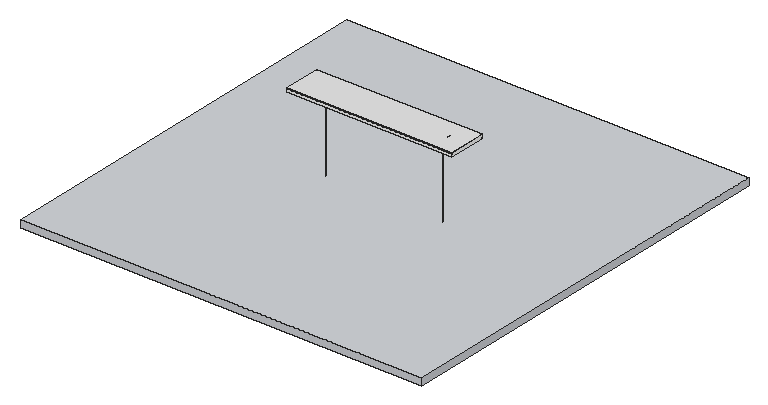
Revit family "Zumtobel LF3 DI", category Lighting Fixtures, host Face, Revit 2016
Family settings
  Host = Face
  Part Type = Normal
  Round Connector Dimension = Use Diameter
  OmniClass Number = 23.80.70.11
  OmniClass Title = Luminaries for Internal Lighting
  Cut with Voids When Loaded = No
  Light Source = Yes
  Shared = No
  Room Calculation Point = No
Parameters (values of type "LF3 D/I L12")
  Width = 267 mm  # constant formula
  Wattage Comments = ""
  Wattage = 39.4501 W
  built-in parameter 1150110 = 1 (stored number, unit not read)
  Voltage = 230 V
  URL = "www.zumtobel.com/42186946"
  Type Comments = "© Zumtobel. We reserve the right to make technical changes without prior notice."  # constant formula
  built-in parameter 1114217 = 1 (stored number, unit not read)
  Tilt Angle = -90.00°
  built-in parameter 1150109 = 1 (stored number, unit not read)
  built-in parameter 1150134 = 12
  Suspension Height Valiue [instance] = if(Suspension Height < 525 mm, 525 mm, Suspension Height)  # 550 mm
  Suspension Height [instance] = 550 mm
  Suspension [instance] = ZG_Metal_White
  built-in parameter 1150113 = 1 (stored number, unit not read)
  Photometric Web File = "42186946_(IND_LEO1_I_D).IES"
  Model = "42186946"
  Manufacturer = "Zumtobel Lighting"  # constant formula
  built-in parameter 1150105 = 1999.4 (stored number, unit not read)
  Lumens = 5860 lm
  built-in parameter 1150115 = 1 (stored number, unit not read)
  built-in parameter 1150137 = (empty or 0)
  built-in parameter 1150139 = (empty or 0)
  Length = 1164 mm
  built-in parameter 1150112 = 1 (stored number, unit not read)
  built-in parameter 1150114 = 1 (stored number, unit not read)
  Lamp = "LED"  # constant formula
  built-in parameter 1150132 = 2
  built-in parameter 1150102 = (empty or 0)
  built-in parameter 1150107 = 4000 (stored number, unit not read)
  built-in parameter 1150138 = (empty or 0)
  built-in parameter 1150106 = 19.994 (stored number, unit not read)
  Height = 50 mm  # constant formula
  Emit from Rectangle Width = Length  # 1164 mm
  Emit from Rectangle Length = Width  # 267 mm
  Emit Shape Visible in Rendering = no
  built-in parameter 1150104 = 13.8 (stored number, unit not read)
  Dimming Lamp Color Temperature Shift = <None>
  Description = "Pendant LED luminaire"  # constant formula
  Default Elevation = 0 mm
  Cover = ZG_Lamp_Self_llumination
  Color Filter = 16777215
  Body = ZG_Metal_White
  built-in parameter 1114218 = 1 (stored number, unit not read)
  built-in parameter 1150133 = 10 (stored number, unit not read)
  Assembly Code = "D5020200"
  Apparent Load = 52.9 VA
Types (2, lengths in mm): name | Wattage | URL | Photometric Web File | Model | built-in parameter 1150105 | Lumens | Length | built-in parameter 1150106 | Emit from Rectangle Width | Apparent Load
  LF3 D/I L15 | 14.5346 W | "www.zumtobel.com/42186947" | "42186947_(IND_LEO1_I_D).IES" | "42186947" | 171.81 (stored number, unit not read) | 2159 lm | 1446 | 1.7181 (stored number, unit not read) | 1446 | 64.3 VA
  LF3 D/I L12 | 39.4501 W | "www.zumtobel.com/42186946" | "42186946_(IND_LEO1_I_D).IES" | "42186946" | 1999.4 (stored number, unit not read) | 5860 lm | 1164 | 19.994 (stored number, unit not read) | 1164 | 52.9 VA
Reference planes
  plane 1 "Center (Front/Back)": y = 0
  plane 2 "Top": z = 0
  plane 3 "Center (Left/Right)": x = 399.5
  plane 4 "Left": x = -182.5
  plane 5 "Right": x = 981.5
  plane 6 "Suspension Left": x = -11
  plane 7 "Suspension Right": x = 810
  plane 8 "Top Cover": z = 548
  plane 9: z = 525
  plane 10: z = 546.978
  plane 11 "Bottom": z = 550
  plane 12: y = 133.5
  plane 13: y = -133.5
  plane 14: x = 172.5
  plane 15: x = 626.5
Forms (mm)
  Extrusion 1, solid
    sketch origin (0, 0, 0) x (1, 0, 0) y (0, 1, 0)
      loop
        line (-1010.5, 1431.145) -> (-1010.5, -1431.145) -> (1809.5, -1431.145) -> (1809.5, 1431.145) -> (-1010.5, 1431.145)
    from 0 to -52.502
  Extrusion 2, solid, material "ZG_Lamp_Self_llumination" <- "Cover"
    sketch origin (0, 0, 550) x (-1, 0, 0) y (0, -1, 0)
      loop
        arc (180.5, -133.5) -> (181.914, -132.914) -> (182.5, -131.5) r 2
        line (182.5, -131.5) -> (182.5, 131.5)
        arc (182.5, 131.5) -> (181.914, 132.914) -> (180.5, 133.5) r 2
        line (180.5, 133.5) -> (-979.5, 133.5)
        arc (-979.5, 133.5) -> (-980.914, 132.914) -> (-981.5, 131.5) r 2
        line (-981.5, 131.5) -> (-981.5, -131.5)
        arc (-981.5, -131.5) -> (-980.914, -132.914) -> (-979.5, -133.5) r 2
        line (-979.5, -133.5) -> (180.5, -133.5)
    from 0 to -2
  Extrusion 3, solid, material "ZG_Metal_White" <- "Body"
    sketch origin (0, 0, 495.872) x (-1, 0, 0) y (0, -1, 0)
      loop
        arc (179.5, -132.5) -> (180.914, -131.914) -> (181.5, -130.5) r 2
        line (181.5, -130.5) -> (181.5, 130.5)
        arc (181.5, 130.5) -> (180.914, 131.914) -> (179.5, 132.5) r 2
        line (179.5, 132.5) -> (-978.5, 132.5)
        arc (-978.5, 132.5) -> (-979.914, 131.914) -> (-980.5, 130.5) r 2
        line (-980.5, 130.5) -> (-980.5, -130.5)
        arc (-980.5, -130.5) -> (-979.914, -131.914) -> (-978.5, -132.5) r 2
        line (-978.5, -132.5) -> (179.5, -132.5)
    from 52.128 to 51.106
  Extrusion 4, solid, material "ZG_Metal_White" <- "Body"
    sketch origin (0, 0, 495) x (-1, 0, 0) y (0, -1, 0)
      loop
        arc (180.5, -133.5) -> (181.914, -132.914) -> (182.5, -131.5) r 2
        line (182.5, -131.5) -> (182.5, 131.5)
        arc (182.5, 131.5) -> (181.914, 132.914) -> (180.5, 133.5) r 2
        line (180.5, 133.5) -> (-979.5, 133.5)
        arc (-979.5, 133.5) -> (-980.914, 132.914) -> (-981.5, 131.5) r 2
        line (-981.5, 131.5) -> (-981.5, -131.5)
        arc (-981.5, -131.5) -> (-980.914, -132.914) -> (-979.5, -133.5) r 2
        line (-979.5, -133.5) -> (180.5, -133.5)
    from 51.978 to 30
  Extrusion 5, solid, material "ZG_Metal_White" <- "Body"
    sketch origin (0, 0, 0) x (1, 0, 0) y (0, 0, 1)
      loop
        line (1.5, 500) -> (172.5, 500) -> (172.5, 502) -> (626.5, 502) -> (626.5, 500) -> (797.5, 500) -> (810, 512.5) -> (810, 525) -> (-11, 525) -> (-11, 512.5) -> (1.5, 500)
    from 14 to 65.5
  Extrusion 6, solid, material "ZG_Metal_White" <- "Body"
    sketch origin (0, 0, 0) x (1, 0, 0) y (0, 0, -1)
      loop
        line (1.5, -500) -> (-11, -512.5) -> (-11, -525) -> (810, -525) -> (810, -512.5) -> (797.5, -500) -> (626.5, -500) -> (626.5, -502) -> (172.5, -502) -> (172.5, -500) -> (1.5, -500)
    from 14 to 65.5
  Extrusion 7, solid, material "ZG_Metal_White" <- "Body"
    sketch origin (0, -51.5, 0) x (1, 0, 0) y (0, 0, -1)
      loop
        line (1.5, -500) -> (-11, -512.5) -> (-11, -525) -> (172.5, -525) -> (172.5, -500) -> (1.5, -500)
      loop
        line (626.5, -525) -> (810, -525) -> (810, -512.5) -> (797.5, -500) -> (626.5, -500) -> (626.5, -525)
    from 37.5 to 65.5
  Extrusion 8, solid, material "ZG_Metal_White" <- "Body"
    sketch origin (0, -51.5, 0) x (1, 0, 0) y (0, 0, -1)
      loop
        line (172.5, -525) -> (626.5, -525) -> (626.5, -502) -> (172.5, -502) -> (172.5, -525)
    from 37.5 to 65.5
Cuts and joins
  joined: Extrusion 5, Extrusion 6, Extrusion 7
Lines and regions (mm)
  Masking region 1, detail levels coarse
    outline origin (0, 0, 240) x (-1, 0, 0) y (0, -1, 0)
      loop
        line (182.5, -18.5) -> (182.5, 18.5) -> (-981.5, 18.5) -> (-981.5, -18.5) -> (182.5, -18.5)
Dimensions and locks
  "Length": plane 4 "Left" to plane 5 "Right"
  equal spacing: plane 4 "Left", plane 3 "Center (Left/Right)", plane 5 "Right"
  locked: plane 6 "Suspension Left" to plane 4 "Left" at 171.5
  locked: plane 7 "Suspension Right" to plane 5 "Right" at 171.5
  plane 11 "Bottom" to plane 8 "Top Cover" to plane 10 to plane 9 = 2 mm locked, 1.022 mm locked, 21.978 mm locked
  equal spacing: plane 12, plane 1 "Center (Front/Back)", plane 13
  "Width": plane 12 to plane 13
  "Suspension Height Valiue": plane 11 "Bottom" to plane 2 "Top"
  locked: plane 6 "Suspension Left" to plane 14 at 183.5
  locked: plane 15 to plane 7 "Suspension Right" at 183.5
  aligned and locked: Extrusion 1 to plane 2 "Top"
  aligned and locked: imposter light to plane 1 "Center (Front/Back)"
  aligned and locked: plane 4 "Left" to Masking region 1 sketch curve
  aligned and locked: plane 5 "Right" to Masking region 1 sketch curve
  aligned and locked: Extrusion 2 sketch curve to plane 12
  aligned and locked: plane 4 "Left" to Extrusion 2 sketch curve
  aligned and locked: Extrusion 2 sketch curve to plane 13
  aligned and locked: plane 5 "Right" to Extrusion 2 sketch curve
  aligned and locked: Extrusion 3 to plane 8 "Top Cover"
  aligned and locked: Extrusion 3 to plane 10
  aligned and locked: Extrusion 4 to plane 10
  aligned and locked: Extrusion 4 to plane 9
  aligned and locked: Extrusion 5 sketch curve to plane 7 "Suspension Right"
  aligned and locked: Extrusion 5 sketch curve to plane 9
  aligned and locked: plane 6 "Suspension Left" to Extrusion 5 sketch curve
  aligned and locked: plane 11 "Bottom" to imposter light
  aligned and locked: nested 1 to plane 6 "Suspension Left"
  aligned and locked: plane 7 "Suspension Right" to nested 2
Automatic sketch dimensions
  Extrusion 1 sketch curve to Extrusion 1 sketch curve = 2820 mm
  Extrusion 1 sketch curve to Extrusion 1 sketch curve = 2862.29 mm
  Masking region 1 sketch curve to plane 1 "Center (Front/Back)" = 18.5 mm
  plane 1 "Center (Front/Back)" to Masking region 1 sketch curve = 18.5 mm
  plane 5 "Right" to Extrusion 2 sketch curve = 2 mm
  Extrusion 2 sketch curve to Extrusion 2 sketch curve = 2 mm  (x2)
  plane 4 "Left" to Extrusion 2 sketch curve = 2 mm
  plane 5 "Right" to Extrusion 3 sketch curve = 1 mm
  Extrusion 3 sketch curve to Extrusion 3 sketch curve = 2 mm  (x2)
  plane 4 "Left" to Extrusion 3 sketch curve = 3 mm  (x2)
  plane 4 "Left" to Extrusion 3 sketch curve = 1 mm
  Extrusion 3 sketch curve to plane 12 = 1 mm
  Extrusion 3 sketch curve to plane 13 = 3 mm
  Extrusion 4 sketch curve to plane 5 "Right" = 0 mm
  Extrusion 4 sketch curve to plane 12 = 0 mm
  plane 13 to Extrusion 4 sketch curve = 0 mm
  Extrusion 4 sketch curve to plane 4 "Left" = 0 mm
  Extrusion 4 sketch curve to Extrusion 4 sketch curve = 2 mm  (x2)
  plane 4 "Left" to Extrusion 4 sketch curve = 2 mm  (x2)
  Extrusion 5 sketch curve to plane 14 = 0 mm
  plane 15 to Extrusion 5 sketch curve = 0 mm
  Extrusion 5 sketch curve to plane 6 "Suspension Left" = 12.5 mm
  Extrusion 5 sketch curve to plane 7 "Suspension Right" = 12.5 mm
  Extrusion 5 sketch curve to plane 9 = 12.5 mm  (x2)
  Extrusion 5 sketch curve to plane 9 = 23 mm
  Extrusion 5 sketch curve to Extrusion 5 sketch curve = 2 mm  (x2)
  plane 6 "Suspension Left" to Extrusion 6 sketch curve = 0 mm
  Extrusion 6 sketch curve to plane 14 = 0 mm
  plane 15 to Extrusion 6 sketch curve = 0 mm
  Extrusion 6 sketch curve to plane 7 "Suspension Right" = 0 mm
  Extrusion 6 sketch curve to plane 9 = 0 mm
  Extrusion 6 sketch curve to plane 6 "Suspension Left" = 12.5 mm
  Extrusion 6 sketch curve to plane 7 "Suspension Right" = 12.5 mm
  Extrusion 6 sketch curve to plane 9 = 12.5 mm  (x2)
  Extrusion 6 sketch curve to plane 9 = 23 mm
  Extrusion 6 sketch curve to Extrusion 6 sketch curve = 12.5 mm
  Extrusion 6 sketch curve to Extrusion 6 sketch curve = 2 mm
  plane 6 "Suspension Left" to Extrusion 7 sketch curve = 0 mm
  Extrusion 7 sketch curve to plane 9 = 0 mm  (x2)
  Extrusion 7 sketch curve to plane 14 = 0 mm
  plane 15 to Extrusion 7 sketch curve = 0 mm
  Extrusion 7 sketch curve to plane 7 "Suspension Right" = 0 mm
  Extrusion 7 sketch curve to plane 6 "Suspension Left" = 12.5 mm
  Extrusion 7 sketch curve to plane 7 "Suspension Right" = 12.5 mm
  Extrusion 7 sketch curve to plane 9 = 12.5 mm  (x2)
  Extrusion 7 sketch curve to plane 9 = 25 mm  (x2)
  Extrusion 8 sketch curve to plane 9 = 23 mm
  plane 15 to Extrusion 8 sketch curve = 0 mm
  Extrusion 8 sketch curve to plane 14 = 0 mm
  Extrusion 8 sketch curve to plane 9 = 0 mm
Nested families
  nested 1: "Suspension" at (-11, 0, 0), Suspension <- "Suspension", type "Suspension"
    with Suspension ZG_Metal_White, Suspension Height 550 mm
  nested 2: "Suspension" at (810, 0, 0) x (-1, 0, 0) z (0, 0, 1), Suspension <- "Suspension", type "Suspension"
    with Suspension ZG_Metal_White, Suspension Height 550 mm
Definition of nested family "Suspension"
  Parameters (values of type "Suspension")
    Suspension Height = 500 mm
    Suspension [instance] = none
    Show Suspension = yes
  Reference planes
    plane 1 "Light Source Axis (F/B)": y = 0
    plane 2: z = 0
    plane 3 "Light Source Axis (L/R)": x = 0
    plane 4 "Light Source Elevation": z = 0
    plane 5: z = 475
    plane 6: y = 50
    plane 7: y = -50
    plane 8: z = 435
    plane 9: z = 415
    plane 10: z = 500
  Forms (mm)
    Extrusion 1, solid, material <- "Suspension", visible <- "Show Suspension"
      sketch origin (661.466, 0, 85) x (0, -1, 0) y (1, 0, 0)
        loop
          circle (0, -661.466) r 4
      from 330 to 350
    Extrusion 2, solid, material <- "Suspension", visible <- "Show Suspension"
      sketch origin (639.464, 0, 65) x (0, -1, 0) y (1, 0, 0)
        loop
          circle (0, -639.464) r 1.5
      from -65 to 350
    Sweep 3, solid, material <- "Suspension", visible <- "Show Suspension"
      path origin (0, 0, 0) x (0, 0, 1) y (0, -1, 0)
        loop
          line (425.343, 0) -> (477.132, -51.789)
      profile origin (0, 25.894, 451.238) x (0, 0.707107, -0.707107) y (-1, 0, 0)
        loop
          circle (0, 0) r 1.498
    Extrusion 4, void
      sketch origin (0, 0, 0) x (0, 1, 0) y (0, 0, 1)
        loop
          line (100, 475) -> (100, 490) -> (-100, 490) -> (-100, 475) -> (100, 475)
      from -25 to 25
    Sweep 5, solid, material <- "Suspension", visible <- "Show Suspension"
      path origin (0, 0, 0) x (0, 0, 1) y (0, 1, 0)
        loop
          line (425.343, 0) -> (477.132, -51.789)
      profile origin (0, -25.894, 451.238) x (0, 0.707107, 0.707107) y (-1, 0, 0)
        loop
          circle (0, 0) r 1.498
  Cuts and joins
    Extrusion 4 cuts Sweep 3
    Extrusion 4 cuts Sweep 5
    joined: Extrusion 1, Sweep 3, Sweep 5
  Dimensions and locks
    plane 10 to plane 5 to plane 8 to plane 9 = 25 mm locked, 40 mm locked, 20 mm locked
    "Suspension Height": plane 4 "Light Source Elevation" to plane 10
    aligned and locked: level to plane 2
    aligned and locked: plane 4 "Light Source Elevation" to Extrusion 2
    aligned and locked: plane 9 to Extrusion 2
    aligned and locked: plane 8 to cut or joined group of Extrusion 1, Sweep 3, Extrusion 4, Sweep 5
    aligned and locked: cut or joined group of Extrusion 1, Sweep 3, Extrusion 4, Sweep 5 to plane 9
  Automatic sketch dimensions
    plane 1 "Light Source Axis (F/B)" to Extrusion 1 sketch curve = 0 mm
    Extrusion 1 sketch curve to plane 3 "Light Source Axis (L/R)" = 0 mm
    plane 1 "Light Source Axis (F/B)" to Extrusion 2 sketch curve = 0 mm
    Extrusion 2 sketch curve to plane 3 "Light Source Axis (L/R)" = 0 mm
    Sweep 3 sketch curve to plane 1 "Light Source Axis (F/B)" = 0 mm
    plane 8 to Sweep 3 sketch curve = 9.657 mm
    Sweep 3 sketch curve to plane 5 = 2.132 mm
    plane 6 to Sweep 3 sketch curve = 1.789 mm
    profile plane to Sweep 3 sketch curve = 0 mm
    Sweep 3 sketch curve to profile plane = 0 mm
    Extrusion 4 sketch curve to plane 5 = 0 mm
    Extrusion 4 sketch curve to plane 7 = 50 mm
    Extrusion 4 sketch curve to plane 10 = 10 mm
    Extrusion 4 sketch curve to plane 6 = 50 mm
    Sweep 5 sketch curve to plane 1 "Light Source Axis (F/B)" = 0 mm
    Sweep 5 sketch curve to plane 8 = 9.657 mm
    plane 5 to Sweep 5 sketch curve = 2.132 mm
    Sweep 5 sketch curve to plane 7 = 1.789 mm
    profile plane to Sweep 5 sketch curve = 0 mm
    Sweep 5 sketch curve to profile plane = 0 mm
    radius of Extrusion 1 sketch curve = 4 mm
    radius of Extrusion 2 sketch curve = 1.5 mm
    radius of Sweep 3 sketch curve = 1.498 mm
    radius of Sweep 5 sketch curve = 1.498 mm
